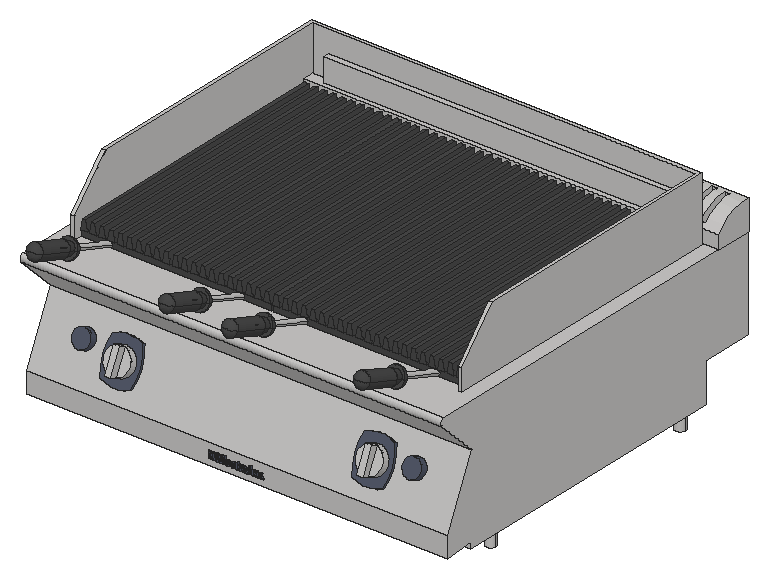
Revit family "QF_ELECTROLUXPROFESSIONAL_371045_E7GRGHLC00", category Specialty Equipment, Revit 2018
Family settings
  Round Connector Dimension = Use Diameter
  Part Type = Normal
  Work Plane-Based = No
  Always vertical = Yes
  Cut with Voids When Loaded = No
  Shared = No
  Room Calculation Point = No
Parameters
  Width = 800.1 mm  # constant formula
  Weight in Pounds = 141  # constant formula
  Watts = 0 W
  URL Cutsheet = "www.electrolux.com/foodservice"
  URL = "www.electrolux.com/foodservice"
  Type Mark [instance] = ""
  Status [instance] = ""
  Specification by User [instance] = ""
  Specification by Manufacturer = ""
  Show Logo [instance] = yes
  Show Clearance [instance] = yes
  Serial Number = ""
  Seismic Rating = ""
  SMACNA No = ""
  Revision Code [instance] = ""
  Omniclass Number and Title = ""
  NAFEM Spec ID Number = ""
  Model = "371045"
  Mechanical Remarks = ""
  Mechanical Connection Type = ""
  Masterspec = ""
  Manufacturer = "ELECTROLUX"
  Item Number [instance] = ""
  Installed By [instance] = ""
  Identify Quantity as Lot [instance] = yes
  Height = 396 mm  # constant formula
  HP = "0 HP"
  Gas Size = 12.7 mm  # 1/2"
  Gas RI Height [instance] = 0 mm
  Gas KW = 14  # constant formula
  Gas Input [instance] = 13987.1 VA  # 47726.0 Btu/h
  Gas Connection Height = 0 mm
  Furnished By [instance] = ""
  Foodservice Equipment Identifier [instance] = yes
  Direct Waste Size = 0"
  Description = "700XP Full Module Gas Lava Stone Grill Top"
  Depth = 730.25 mm  # constant formula
  CSI MasterFormat = ""
  CSI Master Format = ""
  Base Height [instance] = 23.813 mm  # constant formula
  Assembly Code = ""
Reference planes
  plane 1 "BACK": y = 0
  plane 2: z = 0
  plane 3 "LEFT": x = 0
  plane 4 "RIGHT": x = 800.1
  plane 5 "FRONT": y = -730.25
  plane 6 "TOP": z = 288.925
  plane 7 "Center Y": x = 400.05
  plane 8 "Center X": y = -365.125
  plane 9 "BASE": z = 23.813
  plane 10 "TOP A": z = 274.638
  plane 11: y = -597.884
  plane 12: y = -147.637
  plane 13: z = 396
Forms (mm)
  Extrusion 1, solid, material "QF_Finishes_Stainless Steel"
    sketch origin (0, 0, 0) x (0, 1, 0) y (0, 0, 1)
      loop
        line (0, 274.638) -> (-722.836, 274.638)
        arc (-722.836, 274.638) -> (-729.637, 270.094) -> (-728.041, 262.072) r 7.361
        line (-728.041, 262.072) -> (-657.416, 191.447) -> (-713.772, 69.003) -> (-713.772, 30.903) -> (-660.4, 36.513) -> (-660.4, 23.812) -> (-101.6, 23.812) -> (-101.6, 98.425) -> (0, 98.425) -> (0, 274.638)
    from 0 to 800.1
  Extrusion 2, solid, material "QF_Finishes_Stainless Steel"
    sketch origin (0, 0, 0) x (1, 0, 0) y (0, 1, 0)
      loop
        circle (11.112, -147.638) r 9.525
      loop
        circle (11.112, -597.884) r 9.525
      loop
        circle (788.987, -147.638) r 9.525
      loop
        circle (788.987, -597.884) r 9.525
    from 0 to 23.813
  Extrusion 3, solid, material "QF_Finishes_Stainless Steel"
    sketch origin (0, -101.6, 101.6) x (0, 0, -1) y (-1, 0, 0)
      loop
        circle (43.882, -747.712) r 6.35
    from 0 to 3.175
  Extrusion 4, solid, material "QF_Finishes_Clearance", visible <- "Show Clearance", detail levels coarse
    sketch origin (0, 0, 0) x (1, 0, 0) y (0, 1, 0)
      loop
        line (0, -730.25) -> (0, 0) -> (800.1, 0) -> (800.1, -730.25) -> (950.119, -730.25) -> (950.119, 150.019) -> (-150.019, 150.019) -> (-150.019, -730.25) -> (0, -730.25)
    from 0 to 396
  Sweep 5, solid, material "QF_Finishes_Stainless Steel"
    path origin (0, -2.381, 274.638) x (-1, 0, 0) y (0, -1, 0)
      loop
        line (-765.075, 642.504) -> (-765.075, 77.504) -> (-35.025, 77.504) -> (-35.025, 642.504)
    profile origin (35.025, -362.385, 274.638) x (1, 0, 0) y (0, 0, 1)
      loop
        line (-6.35, 0) -> (0, 0) -> (0, 121.362) -> (-6.35, 121.362) -> (-6.35, 0)
  Extrusion 6, void
    sketch origin (28.675, -73.535, 274.638) x (0, 1, 0) y (0, 0, 1)
      loop
        line (-571.35, 40.481) -> (-498.32, 121.363) -> (-571.35, 121.363) -> (-571.35, 40.481)
    from 0 to 6.35
  Extrusion 7, void
    sketch origin (771.425, -644.885, 274.638) x (0, -1, 0) y (0, 0, 1)
      loop
        line (0, 40.481) -> (0, 121.362) -> (-73.03, 121.362) -> (0, 40.481)
    from 0 to 6.35
  Extrusion 8, solid, material "QF_Finishes_Black"
    sketch origin (0, 0, 274.638) x (0, -1, 0) y (1, 0, 0)
      loop
        line (629.524, 35.025) -> (629.524, 398.386) -> (102.375, 398.386) -> (102.375, 35.025) -> (629.524, 35.025)
      loop
        line (130.285, 765.075) -> (130.285, 401.586) -> (629.524, 401.586) -> (629.524, 765.075) -> (130.285, 765.075)
    from 0 to 12.7
  Extrusion 9, solid, material "QF_Finishes_Stainless Steel"
    sketch origin (0, 0, 274.638) x (0, -1, 0) y (1, 0, 0)
      loop
        line (102.375, 36.446) -> (102.375, 763.521) -> (79.885, 763.521) -> (79.885, 36.446) -> (102.375, 36.446)
    from 0 to 37.056
  Extrusion 10, solid, material "QF_Finishes_Stainless Steel"
    sketch origin (27.525, -633.969, 275.303) x (1, 0, 0) y (0, 0.34202, 0.939693)
      loop
        circle (61.287, 5.861) r 5
    from -3.7 to 98.551
  Revolve 11, solid, material "QF_Finishes_Black"
    sketch origin (20, -80.514, 80.124) x (-1, 0, 0) y (0, -0.939693, 0.34202)
      loop
        line (-68.646, 685.384) -> (-50.452, 685.384) -> (-50.452, 689.246) -> (-56.809, 689.246) -> (-54.08, 704.719) -> (-54.08, 772.936)
        arc (-54.08, 772.936) -> (-59.651, 780.542) -> (-68.646, 783.364) r 15.108
        line (-68.646, 783.364) -> (-68.646, 685.384)
      axis (-68.875, 685.384) -> (-68.875, 783.364)
    angle from 0 to 360
  Extrusion 12, solid, material "QF_Finishes_Stainless Steel"
    sketch origin (0, 0, 311.693) x (0, -1, 0) y (1, 0, 0)
      loop
        line (79.885, 66.394) -> (92.813, 66.394) -> (92.813, 733.706) -> (79.885, 733.706) -> (79.885, 66.394)
    from 0 to 43.675
  Extrusion 13, solid, material "QF_Finishes_Stainless Steel"
    sketch origin (12.25, -633.969, 275.303) x (-1, 0, 0) y (0, -0.34202, -0.939693)
      loop
        circle (-327.663, -5.861) r 5
    from -3.7 to 98.551
  Extrusion 14, solid, material "QF_Finishes_Navy Blue"
    sketch origin (-379.27, -713.772, 69.003) x (0, 0.418102, 0.9084) y (-1, 0, 0)
      loop
        arc (102.623, -510.47) -> (67.041, -502.846) -> (31.333, -509.853) r 90.5
        arc (31.333, -509.853) -> (24.507, -539.04) -> (31.333, -568.228) r 65.817
        arc (31.333, -568.228) -> (67.04, -575.188) -> (102.623, -567.615) r 91.066
        arc (102.623, -567.615) -> (109.179, -539.043) -> (102.623, -510.47) r 65.546
    from 0 to 3.175
  Extrusion 15, solid, material "QF_Finishes_Stainless Steel"
    sketch origin (-0.52, -717.485, 68.529) x (0, 0.418102, 0.9084) y (-1, 0, 0)
      loop
        circle (68.826, -160.963) r 25.4
    from 0 to 12.7
  Extrusion 16, solid, material "QF_Finishes_Stainless Steel"
    sketch origin (-0.52, -729.022, 73.839) x (0, 0.418102, 0.9084) y (-1, 0, 0)
      loop
        arc (93.558, -166.749) -> (94.226, -160.963) -> (93.558, -155.177) r 25.4
        line (93.558, -155.177) -> (44.094, -155.177)
        arc (44.094, -155.177) -> (43.426, -160.963) -> (44.094, -166.749) r 25.4
        line (44.094, -166.749) -> (93.558, -166.749)
    from 0 to 12.7
  Extrusion 17, solid, material "QF_Finishes_Navy Blue"
    sketch origin (132.369, -722.248, 50.586) x (0, 0.418102, 0.9084) y (-1, 0, 0)
      loop
        circle (98.862, -582.001) r 17.8
    from 0 to 12.7
  Extrusion 18, solid, material "QF_Finishes_Navy Blue"
    sketch origin (77.744, -713.772, 69.003) x (0, 0.418102, 0.9084) y (-1, 0, 0)
      loop
        arc (102.623, -532.67) -> (67.041, -525.046) -> (31.333, -532.053) r 90.5
        arc (31.333, -532.053) -> (24.507, -561.24) -> (31.333, -590.428) r 65.817
        arc (31.333, -590.428) -> (67.04, -597.388) -> (102.623, -589.815) r 91.066
        arc (102.623, -589.815) -> (109.179, -561.243) -> (102.623, -532.67) r 65.546
    from 0 to 3.175
  Extrusion 19, solid, material "QF_Finishes_Stainless Steel"
    sketch origin (478.994, -717.485, 68.529) x (0, 0.418102, 0.9084) y (-1, 0, 0)
      loop
        circle (68.826, -160.963) r 25.4
    from 0 to 12.7
  Extrusion 20, solid, material "QF_Finishes_Stainless Steel"
    sketch origin (478.994, -729.022, 73.839) x (0, 0.418102, 0.9084) y (-1, 0, 0)
      loop
        arc (93.558, -166.749) -> (94.226, -160.963) -> (93.558, -155.177) r 25.4
        line (93.558, -155.177) -> (44.094, -155.177)
        arc (44.094, -155.177) -> (43.426, -160.963) -> (44.094, -166.749) r 25.4
        line (44.094, -166.749) -> (93.558, -166.749)
    from 0 to 12.7
  Extrusion 21, solid, material "QF_Finishes_Navy Blue"
    sketch origin (645.531, -722.248, 50.586) x (0, 0.418102, 0.9084) y (-1, 0, 0)
      loop
        circle (98.862, 559.801) r 17.8
    from 0 to 12.7
  Extrusion 22, solid, material "QF_Finishes_Stainless Steel"
    sketch origin (400.05, 175.397, 1219.2) x (0, 1, 0) y (0, 0, 1)
      loop
        line (-276.997, -1195.388) -> (-840.343, -1195.388) -> (-840.343, -1215.388) -> (-837.168, -1215.388) -> (-837.168, -1198.588) -> (-816.997, -1198.588) -> (-816.997, -1215.388) -> (-276.997, -1215.388) -> (-276.997, -1195.388)
    from -261.95 to 261.95
  Extrusion 23, solid, material "QF_Finishes_Drawer Clearance", visible <- "Show Clearance", detail levels coarse
    sketch origin (400.05, -664.946, 23.812) x (0, 0, -1) y (1, 0, 0)
      loop
        line (0, -261.95) -> (20, -261.95) -> (20, 261.95) -> (0, 261.95) -> (0, -261.95)
    from 0 to 536.054
  Revolve 24, solid, material "QF_Finishes_Black"
    sketch origin (260.002, -80.514, 80.124) x (-1, 0, 0) y (0, -0.939693, 0.34202)
      loop
        line (-79.746, 685.384) -> (-61.552, 685.384) -> (-61.552, 689.246) -> (-67.909, 689.246) -> (-65.18, 704.719) -> (-65.18, 772.936)
        arc (-65.18, 772.936) -> (-70.751, 780.542) -> (-79.746, 783.364) r 15.108
        line (-79.746, 783.364) -> (-79.746, 685.384)
      axis (-79.975, 685.384) -> (-79.975, 783.364)
    angle from 0 to 360
  Extrusion 25, solid, material "QF_Finishes_Stainless Steel"
    sketch origin (787.85, -633.969, 275.303) x (1, 0, 0) y (0, 0.34202, 0.939693)
      loop
        circle (-327.663, 5.861) r 5
    from -3.7 to 98.551
  Revolve 26, solid, material "QF_Finishes_Black"
    sketch origin (540.098, -80.514, 80.124) x (1, 0, 0) y (0, 0.939693, -0.34202)
      loop
        line (-79.746, -685.384) -> (-79.746, -783.364)
        arc (-79.746, -783.364) -> (-70.751, -780.542) -> (-65.18, -772.936) r 15.108
        line (-65.18, -772.936) -> (-65.18, -704.719) -> (-67.909, -689.246) -> (-61.552, -689.246) -> (-61.552, -685.384) -> (-79.746, -685.384)
      axis (-79.975, -685.384) -> (-79.975, -783.364)
    angle from 0 to 360
  Extrusion 27, solid, material "QF_Finishes_Stainless Steel"
    sketch origin (772.575, -633.969, 275.303) x (-1, 0, 0) y (0, -0.34202, -0.939693)
      loop
        circle (61.287, -5.861) r 5
    from -3.7 to 98.551
  Revolve 28, solid, material "QF_Finishes_Black"
    sketch origin (780.1, -80.514, 80.124) x (1, 0, 0) y (0, 0.939693, -0.34202)
      loop
        line (-68.646, -685.384) -> (-68.646, -783.364)
        arc (-68.646, -783.364) -> (-59.651, -780.542) -> (-54.08, -772.936) r 15.108
        line (-54.08, -772.936) -> (-54.08, -704.719) -> (-56.809, -689.246) -> (-50.452, -689.246) -> (-50.452, -685.384) -> (-68.646, -685.384)
      axis (-68.875, -685.384) -> (-68.875, -783.364)
    angle from 0 to 360
  Extrusion 29, solid, material "QF_Finishes_Stainless Steel"
    sketch origin (0, 0, 0) x (0, 1, 0) y (0, 0, 1)
      loop
        line (0, 274.638) -> (0, 331.738)
        arc (0, 331.738) -> (-38.857, 324.552) -> (-69.85, 300.038) r 82.056
        line (-69.85, 300.038) -> (-69.85, 274.638) -> (0, 274.638)
    from 0 to 400.05
  Extrusion 30, void
    sketch origin (0, 0, 274.638) x (0, -1, 0) y (1, 0, 0)
      loop
        line (6.761, 29.703) -> (63.911, 29.703) -> (63.911, 38.999) -> (6.761, 38.999) -> (6.761, 29.703)
      loop
        line (63.911, 64.487) -> (6.761, 64.487) -> (6.761, 55.191) -> (63.911, 55.191) -> (63.911, 64.487)
      loop
        line (63.911, 89.975) -> (6.761, 89.975) -> (6.761, 80.68) -> (63.911, 80.68) -> (63.911, 89.975)
      loop
        line (63.911, 115.464) -> (6.761, 115.464) -> (6.761, 106.168) -> (63.911, 106.168) -> (63.911, 115.464)
      loop
        line (63.911, 140.952) -> (6.761, 140.952) -> (6.761, 131.656) -> (63.911, 131.656) -> (63.911, 140.952)
      loop
        line (63.911, 166.44) -> (6.761, 166.44) -> (6.761, 157.145) -> (63.911, 157.145) -> (63.911, 166.44)
      loop
        line (63.911, 191.929) -> (6.761, 191.929) -> (6.761, 182.633) -> (63.911, 182.633) -> (63.911, 191.929)
      loop
        line (63.911, 217.417) -> (6.761, 217.417) -> (6.761, 208.121) -> (63.911, 208.121) -> (63.911, 217.417)
      loop
        line (63.911, 242.905) -> (6.761, 242.905) -> (6.761, 233.61) -> (63.911, 233.61) -> (63.911, 242.905)
      loop
        line (63.911, 268.394) -> (6.761, 268.394) -> (6.761, 259.098) -> (63.911, 259.098) -> (63.911, 268.394)
      loop
        line (63.911, 293.882) -> (6.761, 293.882) -> (6.761, 284.586) -> (63.911, 284.586) -> (63.911, 293.882)
      loop
        line (63.911, 319.37) -> (6.761, 319.37) -> (6.761, 310.075) -> (63.911, 310.075) -> (63.911, 319.37)
      loop
        line (63.911, 344.859) -> (6.761, 344.859) -> (6.761, 335.563) -> (63.911, 335.563) -> (63.911, 344.859)
      loop
        line (63.911, 370.347) -> (6.761, 370.347) -> (6.761, 361.051) -> (63.911, 361.051) -> (63.911, 370.347)
    from 25.4 to 63.5
  Extrusion 31, solid, material "QF_Finishes_Stainless Steel"
    sketch origin (400.05, 0, 0) x (0, 1, 0) y (0, 0, 1)
      loop
        line (0, 274.638) -> (0, 331.738)
        arc (0, 331.738) -> (-38.857, 324.552) -> (-69.85, 300.038) r 82.056
        line (-69.85, 300.038) -> (-69.85, 274.638) -> (0, 274.638)
    from 0 to 400.05
  Extrusion 32, void
    sketch origin (400.05, 0, 274.638) x (0, -1, 0) y (1, 0, 0)
      loop
        line (6.761, 29.703) -> (63.911, 29.703) -> (63.911, 38.999) -> (6.761, 38.999) -> (6.761, 29.703)
      loop
        line (63.911, 64.487) -> (6.761, 64.487) -> (6.761, 55.191) -> (63.911, 55.191) -> (63.911, 64.487)
      loop
        line (63.911, 89.975) -> (6.761, 89.975) -> (6.761, 80.68) -> (63.911, 80.68) -> (63.911, 89.975)
      loop
        line (63.911, 115.464) -> (6.761, 115.464) -> (6.761, 106.168) -> (63.911, 106.168) -> (63.911, 115.464)
      loop
        line (63.911, 140.952) -> (6.761, 140.952) -> (6.761, 131.656) -> (63.911, 131.656) -> (63.911, 140.952)
      loop
        line (63.911, 166.44) -> (6.761, 166.44) -> (6.761, 157.145) -> (63.911, 157.145) -> (63.911, 166.44)
      loop
        line (63.911, 191.929) -> (6.761, 191.929) -> (6.761, 182.633) -> (63.911, 182.633) -> (63.911, 191.929)
      loop
        line (63.911, 217.417) -> (6.761, 217.417) -> (6.761, 208.121) -> (63.911, 208.121) -> (63.911, 217.417)
      loop
        line (63.911, 242.905) -> (6.761, 242.905) -> (6.761, 233.61) -> (63.911, 233.61) -> (63.911, 242.905)
      loop
        line (63.911, 268.394) -> (6.761, 268.394) -> (6.761, 259.098) -> (63.911, 259.098) -> (63.911, 268.394)
      loop
        line (63.911, 293.882) -> (6.761, 293.882) -> (6.761, 284.586) -> (63.911, 284.586) -> (63.911, 293.882)
      loop
        line (63.911, 319.37) -> (6.761, 319.37) -> (6.761, 310.075) -> (63.911, 310.075) -> (63.911, 319.37)
      loop
        line (63.911, 344.859) -> (6.761, 344.859) -> (6.761, 335.563) -> (63.911, 335.563) -> (63.911, 344.859)
      loop
        line (63.911, 370.347) -> (6.761, 370.347) -> (6.761, 361.051) -> (63.911, 361.051) -> (63.911, 370.347)
    from 25.4 to 63.5
  Extrusion 33, solid, material "QF_Finishes_Navy Blue", visible <- "Show Logo"
    sketch origin (57.669, -713.772, 35.665) x (0, 0, 1) y (-1, 0, 0)
      loop
        line (20.674, -296.698) -> (8.307, -296.698)
        arc (8.307, -296.698) -> (14.491, -301.27) -> (20.674, -296.698) r 6.467
      loop
        arc (20.674, -296.069) -> (19.505, -290.926) -> (14.849, -288.448) r 6.338
        line (14.849, -288.448) -> (14.849, -290.494)
        arc (14.849, -290.494) -> (16.333, -294.149) -> (19.778, -296.069) r 5.941
        line (19.778, -296.069) -> (20.674, -296.069)
      loop
        arc (9.203, -296.069) -> (12.648, -294.149) -> (14.132, -290.494) r 5.941
        line (14.132, -290.494) -> (14.132, -288.448)
        arc (14.132, -288.448) -> (9.438, -290.922) -> (8.148, -296.069) r 6.504
        line (8.148, -296.069) -> (9.203, -296.069)
      loop
        line (21.349, -287.979) -> (7.604, -287.979) -> (7.604, -301.742) -> (21.349, -301.742) -> (21.349, -287.979)
      loop
        arc (21.432, -304.71) -> (21.085, -304.352) -> (20.718, -304.69) r 0.358
        arc (20.718, -304.69) -> (20.404, -305.44) -> (19.687, -305.825) r 1.216
        line (19.687, -305.825) -> (9.274, -305.825)
        arc (9.274, -305.825) -> (8.614, -305.548) -> (8.218, -304.951) r 1.238
        arc (8.218, -304.951) -> (7.823, -304.7) -> (7.518, -305.054) r 0.358
        line (7.518, -305.054) -> (7.518, -314.933) -> (10.269, -314.933) -> (10.269, -314.036)
        arc (10.269, -314.036) -> (9.36, -313.456) -> (8.904, -312.479) r 1.928
        line (8.904, -312.479) -> (8.904, -309.98)
        arc (8.904, -309.98) -> (9.18, -309.251) -> (9.868, -308.887) r 1.101
        line (9.868, -308.887) -> (13.955, -308.887) -> (13.955, -312.561)
        arc (13.955, -312.561) -> (13.602, -313.058) -> (13.037, -313.286) r 1.083
        arc (13.037, -313.286) -> (12.773, -313.591) -> (13.065, -313.869) r 0.292
        line (13.065, -313.869) -> (16.028, -313.869)
        arc (16.028, -313.869) -> (16.33, -313.596) -> (16.092, -313.266) r 0.305
        arc (16.092, -313.266) -> (15.601, -313.018) -> (15.296, -312.561) r 1.083
        line (15.296, -312.561) -> (15.296, -308.887) -> (19.973, -308.887) -> (19.973, -312.635)
        arc (19.973, -312.635) -> (19.759, -313.39) -> (19.153, -313.888) r 1.314
        arc (19.153, -313.888) -> (18.934, -314.292) -> (19.288, -314.585) r 0.361
        line (19.288, -314.585) -> (21.432, -314.585) -> (21.432, -304.71)
      loop
        arc (20.715, -315.365) -> (20.335, -316.284) -> (19.416, -316.664) r 1.299
        line (19.416, -316.664) -> (9.837, -316.664)
        arc (9.837, -316.664) -> (8.999, -316.286) -> (8.728, -315.408) r 1.118
        line (8.728, -315.408) -> (7.518, -315.408) -> (7.518, -320.758) -> (8.706, -320.758)
        arc (8.706, -320.758) -> (8.978, -319.841) -> (9.848, -319.445) r 1.153
        line (9.848, -319.445) -> (21.92, -319.445) -> (20.715, -315.365)
      loop
        line (12.483, -323.394) -> (12.483, -329.842) -> (13.282, -329.842)
        arc (13.282, -329.842) -> (15.862, -328.857) -> (17.131, -326.404) r 3.874
        line (17.131, -326.404) -> (17.131, -324.643)
        arc (17.131, -324.643) -> (15.944, -321.778) -> (13.08, -320.592) r 4.051
        line (13.08, -320.592) -> (11.072, -320.592)
        arc (11.072, -320.592) -> (8.253, -322.077) -> (7.202, -325.084) r 4.352
        arc (7.202, -325.084) -> (7.566, -327.547) -> (8.943, -329.621) r 5.713
        line (8.943, -329.621) -> (9.892, -329.621)
        arc (9.892, -329.621) -> (9.16, -328.052) -> (8.943, -326.334) r 5.579
        arc (8.943, -326.334) -> (9.737, -324.371) -> (11.616, -323.394) r 3.057
        line (11.616, -323.394) -> (12.483, -323.394)
      loop
        line (13.742, -323.394) -> (13.742, -326.977)
        arc (13.742, -326.977) -> (15.199, -327.024) -> (16.082, -325.864) r 1.59
        line (16.082, -325.864) -> (16.082, -325.034)
        arc (16.082, -325.034) -> (15.217, -323.779) -> (13.742, -323.394) r 2.184
      loop
        arc (16.533, -339.259) -> (17.022, -337.585) -> (17.179, -335.848) r 9.023
        line (17.179, -335.848) -> (17.179, -334.486)
        arc (17.179, -334.486) -> (16.02, -331.686) -> (13.22, -330.527) r 3.959
        line (13.22, -330.527) -> (10.62, -330.527)
        arc (10.62, -330.527) -> (8.338, -331.819) -> (7.221, -334.192) r 4.331
        line (7.221, -334.192) -> (7.221, -336.327)
        arc (7.221, -336.327) -> (7.729, -337.877) -> (8.651, -339.223) r 5.772
        arc (8.651, -339.223) -> (9.412, -339.274) -> (9.499, -338.515) r 0.553
        arc (9.499, -338.515) -> (9.111, -337.781) -> (8.977, -336.962) r 2.573
        line (8.977, -336.962) -> (8.977, -335.447)
        arc (8.977, -335.447) -> (9.983, -333.806) -> (11.798, -333.163) r 2.884
        line (11.798, -333.163) -> (13.077, -333.163)
        arc (13.077, -333.163) -> (14.898, -333.723) -> (15.824, -335.388) r 2.554
        line (15.824, -335.388) -> (15.824, -336.441)
        arc (15.824, -336.441) -> (15.493, -337.369) -> (14.836, -338.104) r 2.564
        arc (14.836, -338.104) -> (14.614, -338.821) -> (15.223, -339.259) r 0.643
        line (15.223, -339.259) -> (16.533, -339.259)
      loop
        line (15.515, -339.53) -> (15.515, -341.031) -> (9.467, -341.031)
        arc (9.467, -341.031) -> (7.879, -341.688) -> (7.221, -343.276) r 2.246
        line (7.221, -343.276) -> (7.221, -344.86)
        arc (7.221, -344.86) -> (7.535, -345.725) -> (8.035, -346.496) r 4.06
        arc (8.035, -346.496) -> (8.768, -346.629) -> (9.019, -345.928) r 0.576
        arc (9.019, -345.928) -> (8.913, -345.403) -> (8.977, -344.87) r 1.69
        arc (8.977, -344.87) -> (9.519, -344.082) -> (10.425, -343.779) r 1.506
        line (10.425, -343.779) -> (15.563, -343.779) -> (15.563, -346.176) -> (16.119, -346.733) -> (16.941, -346.733) -> (16.941, -343.873) -> (20.172, -343.873) -> (15.515, -339.53)
      loop
        line (7.438, -347.63) -> (7.438, -353.017) -> (8.548, -353.017)
        arc (8.548, -353.017) -> (8.942, -352.066) -> (9.893, -351.672) r 1.345
        line (9.893, -351.672) -> (13.509, -351.672)
        arc (13.509, -351.672) -> (14.274, -352.264) -> (14.564, -353.186) r 1.615
        line (14.564, -353.186) -> (14.564, -354.742) -> (17.119, -355.427) -> (17.119, -354.044) -> (15.177, -351.485) -> (17.057, -351.485) -> (16.773, -348.779)
        arc (16.773, -348.779) -> (16.333, -348.249) -> (15.674, -348.45) r 0.621
        arc (15.674, -348.45) -> (15.274, -348.792) -> (14.78, -348.975) r 1.501
        line (14.78, -348.975) -> (9.893, -348.975)
        arc (9.893, -348.975) -> (8.942, -348.581) -> (8.548, -347.63) r 1.345
        line (8.548, -347.63) -> (7.438, -347.63)
      loop
        line (13.54, -354.964) -> (10.848, -354.964)
        arc (10.848, -354.964) -> (8.403, -356.272) -> (7.269, -358.803) r 4.288
        arc (7.269, -358.803) -> (7.205, -360.183) -> (7.269, -361.563) r 15.022
        arc (7.269, -361.563) -> (8.403, -364.094) -> (10.848, -365.401) r 4.288
        line (10.848, -365.401) -> (13.54, -365.401)
        arc (13.54, -365.401) -> (15.986, -364.094) -> (17.119, -361.563) r 4.288
        arc (17.119, -361.563) -> (17.183, -360.183) -> (17.119, -358.803) r 15.022
        arc (17.119, -358.803) -> (15.986, -356.272) -> (13.54, -354.964) r 4.288
      loop
        line (13.745, -358.078) -> (10.643, -358.078)
        arc (10.643, -358.078) -> (8.486, -360.235) -> (10.643, -362.392) r 2.157
        line (10.643, -362.392) -> (13.745, -362.392)
        arc (13.745, -362.392) -> (15.902, -360.235) -> (13.745, -358.078) r 2.157
      loop
        arc (20.726, -365.26) -> (20.355, -366.154) -> (19.461, -366.524) r 1.264
        line (19.461, -366.524) -> (9.597, -366.524)
        arc (9.597, -366.524) -> (8.727, -366.127) -> (8.455, -365.211) r 1.153
        line (8.455, -365.211) -> (7.518, -365.211) -> (7.518, -370.319) -> (8.446, -370.319)
        arc (8.446, -370.319) -> (8.805, -369.547) -> (9.597, -369.232) r 1.153
        line (9.597, -369.232) -> (21.92, -369.232) -> (20.726, -365.26)
      loop
        arc (15.846, -369.857) -> (15.647, -370.921) -> (14.678, -371.403) r 1.215
        line (14.678, -371.403) -> (9.658, -371.403)
        arc (9.658, -371.403) -> (8.043, -372.051) -> (7.322, -373.634) r 2.338
        line (7.322, -373.634) -> (7.322, -375.148)
        arc (7.322, -375.148) -> (7.497, -376.152) -> (7.999, -377.038) r 2.979
        line (7.999, -377.038) -> (7.518, -378.835) -> (7.518, -380.524) -> (16.943, -380.524) -> (16.649, -376.32) -> (15.863, -376.32)
        arc (15.863, -376.32) -> (15.507, -377.156) -> (14.755, -377.665) r 1.605
        line (14.755, -377.665) -> (9.652, -377.665)
        arc (9.652, -377.665) -> (9.232, -376.728) -> (9.159, -375.704) r 2.94
        arc (9.159, -375.704) -> (9.72, -374.603) -> (10.873, -374.16) r 1.724
        line (10.873, -374.16) -> (17.07, -374.16) -> (15.846, -369.857)
      loop
        line (16.874, -381.377) -> (15.202, -383.423) -> (12.028, -385.729) -> (8.572, -382.617)
        arc (8.572, -382.617) -> (8.335, -382.223) -> (8.357, -381.764) r 0.789
        line (8.357, -381.764) -> (7.518, -381.764) -> (7.518, -385.309) -> (8.344, -385.309)
        arc (8.344, -385.309) -> (8.686, -384.947) -> (9.176, -385.039) r 0.52
        line (9.176, -385.039) -> (10.976, -386.51) -> (8.858, -387.886)
        arc (8.858, -387.886) -> (8.457, -387.576) -> (8.37, -387.076) r 0.7
        line (8.37, -387.076) -> (7.518, -387.076) -> (7.518, -393.003) -> (8.405, -393.003)
        arc (8.405, -393.003) -> (8.472, -392.344) -> (8.866, -391.813) r 1.247
        line (8.866, -391.813) -> (13.066, -388.532) -> (15.513, -390.585) -> (16.874, -392.327) -> (16.874, -388.604) -> (15.389, -389.026) -> (13.868, -387.749) -> (15.568, -386.559) -> (16.874, -387.336) -> (16.874, -381.377)
    from 0 to 1.644
Cuts and joins
  Extrusion 6, Extrusion 7 cuts Sweep 5
  Extrusion 32 cuts Extrusion 31
  Extrusion 30 cuts Extrusion 29
Lines and regions (mm)
  symbolic lines, style "QF-Clearances", visible <- "Show Clearance", detail levels coarse
    curve 1: line (950.119, 150.019, 274.638) -> (-150.019, 150.019, 274.638)
    curve 2: line (950.119, -730.25, 274.638) -> (950.119, 150.019, 274.638)
    curve 3: line (-150.019, 150.019, 274.638) -> (-150.019, -730.25, 274.638)
    curve 4: line (692.244, 150.019, 274.638) -> (-150.019, 150.019, 274.638)
  symbolic lines
    curve 5: line (0, -730.25, 274.638) -> (0, 0, 274.638)
    curve 6: line (800.1, 0, 274.638) -> (800.1, -730.246, 274.638)
    curve 7: line (35.025, -79.885, 274.638) -> (35.025, -644.885, 274.638)
    curve 8: line (28.675, -644.885, 274.638) -> (35.025, -644.885, 274.638)
    curve 9: line (765.075, -644.885, 274.638) -> (765.075, -79.885, 274.638)
    curve 10: line (765.075, -79.885, 274.638) -> (35.025, -79.885, 274.638)
    curve 11: line (800.1, -730.246, 274.638) -> (730.644, -730.246, 274.638)
    curve 12: line (28.675, -73.535, 274.638) -> (28.675, -644.885, 274.638)
    curve 13: line (28.675, -73.535, 274.638) -> (771.425, -73.535, 274.638)
    curve 14: line (771.425, -73.535, 274.638) -> (771.425, -644.885, 274.638)
    curve 15: line (765.075, -644.885, 274.638) -> (771.425, -644.885, 274.638)
    curve 16: line (83.594, -631.964, 274.638) -> (83.594, -718.727, 274.638)
    curve 17: line (76.419, -728.239, 274.638) -> (73.666, -742.908, 274.638)
    curve 18: line (73.666, -742.908, 274.638) -> (73.666, -807.592, 274.638)
    curve 19: spline (101.968, -734.072, 274.638) -> (106.912, -731.23, 274.638) -> (108.913, -727.764, 274.638) -> (107.647, -724.231, 274.638) -> (103.319, -721.202, 274.638) -> (96.625, -719.164, 274.638) -> (88.646, -718.447, 274.638) -> (80.666, -719.164, 274.638) -> (73.973, -721.202, 274.638) -> (69.645, -724.231, 274.638) -> (68.379, -727.764, 274.638) -> (70.379, -731.23, 274.638) -> (75.324, -734.072, 274.638)
    curve 20: line (100.873, -728.239, 274.638) -> (103.626, -742.908, 274.638)
    curve 21: line (103.626, -742.908, 274.638) -> (103.626, -807.592, 274.638)
    curve 22: arc (73.666, -807.592, 274.638) -> (88.646, -817.479, 274.638) -> (103.626, -807.592, 274.638) r 16.291
    curve 23: arc (73.666, -742.908, 274.638) -> (88.646, -738.398, 274.638) -> (103.626, -742.908, 274.638) r 27.132
    curve 24: arc (73.666, -807.592, 274.638) -> (88.646, -801.979, 274.638) -> (103.626, -807.592, 274.638) r 22.796
    curve 25: arc (108.859, -728.122, 274.638) -> (88.467, -721.358, 274.638) -> (68.113, -728.239, 274.638) r 33.831
    curve 26: line (93.698, -631.964, 274.638) -> (93.698, -718.727, 274.638)
    curve 27: arc (76.419, -728.239, 274.638) -> (88.646, -724.288, 274.638) -> (100.873, -728.239, 274.638) r 20.899
    curve 28: line (69.46, -730.25, 274.638) -> (0, -730.25, 274.638)
    curve 29: line (36.446, -102.375, 274.638) -> (36.446, -79.885, 274.638)
    curve 30: line (763.521, -102.375, 274.638) -> (36.446, -102.375, 274.638)
    curve 31: line (763.521, -79.464, 274.638) -> (763.521, -102.375, 274.638)
    curve 32: line (66.394, -92.813, 274.638) -> (66.394, -79.885, 274.638)
    curve 33: line (66.394, -92.813, 274.638) -> (733.706, -92.813, 274.638)
    curve 34: line (733.706, -92.813, 274.638) -> (733.706, -79.885, 274.638)
    curve 35: line (334.793, -631.964, 274.638) -> (334.793, -718.727, 274.638)
    curve 36: line (344.897, -631.964, 274.638) -> (344.897, -718.727, 274.638)
    curve 37: line (320.659, -730.25, 274.638) -> (107.832, -730.25, 274.638)
    curve 38: line (441.069, -730.25, 274.638) -> (359.031, -730.25, 274.638)
    curve 39: line (692.271, -730.253, 274.638) -> (479.438, -730.253, 274.638)
    curve 40: line (327.618, -728.239, 274.638) -> (324.865, -742.908, 274.638)
    curve 41: line (324.865, -742.908, 274.638) -> (324.865, -807.592, 274.638)
    curve 42: spline (353.167, -734.072, 274.638) -> (358.112, -731.23, 274.638) -> (360.113, -727.764, 274.638) -> (358.847, -724.231, 274.638) -> (354.518, -721.202, 274.638) -> (347.825, -719.164, 274.638) -> (339.845, -718.447, 274.638) -> (331.866, -719.164, 274.638) -> (325.172, -721.202, 274.638) -> (320.844, -724.231, 274.638) -> (319.578, -727.764, 274.638) -> (321.579, -731.23, 274.638) -> (326.523, -734.072, 274.638)
    curve 43: line (352.072, -728.239, 274.638) -> (354.825, -742.908, 274.638)
    curve 44: line (354.825, -742.908, 274.638) -> (354.825, -807.592, 274.638)
    curve 45: arc (324.865, -807.592, 274.638) -> (339.845, -817.479, 274.638) -> (354.825, -807.592, 274.638) r 16.291
    curve 46: arc (324.865, -742.908, 274.638) -> (339.845, -738.398, 274.638) -> (354.825, -742.908, 274.638) r 27.132
    curve 47: arc (324.865, -807.592, 274.638) -> (339.845, -801.979, 274.638) -> (354.825, -807.592, 274.638) r 22.796
    curve 48: arc (360.058, -728.122, 274.638) -> (339.666, -721.358, 274.638) -> (319.313, -728.239, 274.638) r 33.831
    curve 49: arc (327.618, -728.239, 274.638) -> (339.845, -724.288, 274.638) -> (352.072, -728.239, 274.638) r 20.899
    curve 53: line (465.307, -631.964, 274.638) -> (465.307, -718.727, 274.638)
    curve 54: line (455.203, -631.964, 274.638) -> (455.203, -718.727, 274.638)
    curve 55: line (472.482, -728.239, 274.638) -> (475.235, -742.908, 274.638)
    curve 56: line (475.235, -742.908, 274.638) -> (475.235, -807.592, 274.638)
    curve 57: spline (446.933, -734.072, 274.638) -> (441.988, -731.23, 274.638) -> (439.987, -727.764, 274.638) -> (441.253, -724.231, 274.638) -> (445.582, -721.202, 274.638) -> (452.275, -719.164, 274.638) -> (460.255, -718.447, 274.638) -> (468.234, -719.164, 274.638) -> (474.928, -721.202, 274.638) -> (479.256, -724.231, 274.638) -> (480.522, -727.764, 274.638) -> (478.521, -731.23, 274.638) -> (473.577, -734.072, 274.638)
    curve 58: line (448.028, -728.239, 274.638) -> (445.275, -742.908, 274.638)
    curve 59: line (445.275, -742.908, 274.638) -> (445.275, -807.592, 274.638)
    curve 60: arc (475.235, -807.592, 274.638) -> (460.255, -817.479, 274.638) -> (445.275, -807.592, 274.638) r 16.291
    curve 61: arc (475.235, -742.908, 274.638) -> (460.255, -738.398, 274.638) -> (445.275, -742.908, 274.638) r 27.132
    curve 62: arc (475.235, -807.592, 274.638) -> (460.255, -801.979, 274.638) -> (445.275, -807.592, 274.638) r 22.796
    curve 63: arc (440.042, -728.122, 274.638) -> (460.434, -721.358, 274.638) -> (480.787, -728.239, 274.638) r 33.831
    curve 64: arc (472.482, -728.239, 274.638) -> (460.255, -724.288, 274.638) -> (448.028, -728.239, 274.638) r 20.899
    curve 65: line (716.506, -631.964, 274.638) -> (716.506, -718.727, 274.638)
    curve 66: line (723.681, -728.239, 274.638) -> (726.434, -742.908, 274.638)
    curve 67: line (726.434, -742.908, 274.638) -> (726.434, -807.592, 274.638)
    curve 68: spline (698.132, -734.072, 274.638) -> (693.188, -731.23, 274.638) -> (691.187, -727.764, 274.638) -> (692.453, -724.231, 274.638) -> (696.781, -721.202, 274.638) -> (703.475, -719.164, 274.638) -> (711.454, -718.447, 274.638) -> (719.434, -719.164, 274.638) -> (726.127, -721.202, 274.638) -> (730.455, -724.231, 274.638) -> (731.721, -727.764, 274.638) -> (729.721, -731.23, 274.638) -> (724.776, -734.072, 274.638)
    curve 69: line (699.227, -728.239, 274.638) -> (696.474, -742.908, 274.638)
    curve 70: line (696.474, -742.908, 274.638) -> (696.474, -807.592, 274.638)
    curve 71: arc (726.434, -807.592, 274.638) -> (711.454, -817.479, 274.638) -> (696.474, -807.592, 274.638) r 16.291
    curve 72: arc (726.434, -742.908, 274.638) -> (711.454, -738.398, 274.638) -> (696.474, -742.908, 274.638) r 27.132
    curve 73: arc (726.434, -807.592, 274.638) -> (711.454, -801.979, 274.638) -> (696.474, -807.592, 274.638) r 22.796
    curve 74: arc (691.241, -728.122, 274.638) -> (711.633, -721.358, 274.638) -> (731.987, -728.239, 274.638) r 33.831
    curve 75: line (706.402, -631.964, 274.638) -> (706.402, -718.727, 274.638)
    curve 76: arc (723.681, -728.239, 274.638) -> (711.454, -724.288, 274.638) -> (699.227, -728.239, 274.638) r 20.899
    curve 77: line (35.025, -631.964, 274.638) -> (765.075, -631.964, 274.638)
    curve 78: line (0, 0, 274.638) -> (800.1, 0, 274.638)
    curve 79: line (0, -69.85, 274.638) -> (800.1, -69.85, 274.638)
    curve 80: line (0, 0, 274.638) -> (800.1, 0, 274.638)
    curve 81: line (0, -69.85, 274.638) -> (800.1, -69.85, 274.638)
    curve 82: line (29.703, -6.761, 0) -> (38.999, -6.761, 0)
    curve 83: line (29.703, -63.911, 0) -> (29.703, -6.761, 0)
    curve 84: line (38.999, -63.911, 0) -> (29.703, -63.911, 0)
    curve 85: line (38.999, -6.761, 0) -> (38.999, -63.911, 0)
    curve 86: line (55.191, -6.761, 0) -> (64.487, -6.761, 0)
    curve 87: line (55.191, -63.911, 0) -> (55.191, -6.761, 0)
    curve 88: line (64.487, -63.911, 0) -> (55.191, -63.911, 0)
    curve 89: line (64.487, -6.761, 0) -> (64.487, -63.911, 0)
    curve 90: line (80.68, -6.761, 0) -> (89.975, -6.761, 0)
    curve 91: line (80.68, -63.911, 0) -> (80.68, -6.761, 0)
    curve 92: line (89.975, -63.911, 0) -> (80.68, -63.911, 0)
    curve 93: line (89.975, -6.761, 0) -> (89.975, -63.911, 0)
    curve 94: line (106.168, -6.761, 0) -> (115.464, -6.761, 0)
    curve 95: line (106.168, -63.911, 0) -> (106.168, -6.761, 0)
    curve 96: line (115.464, -63.911, 0) -> (106.168, -63.911, 0)
    curve 97: line (115.464, -6.761, 0) -> (115.464, -63.911, 0)
    curve 98: line (131.656, -6.761, 0) -> (140.952, -6.761, 0)
    curve 99: line (131.656, -63.911, 0) -> (131.656, -6.761, 0)
    curve 100: line (140.952, -63.911, 0) -> (131.656, -63.911, 0)
    curve 101: line (140.952, -6.761, 0) -> (140.952, -63.911, 0)
    curve 102: line (157.145, -6.761, 0) -> (166.44, -6.761, 0)
    curve 103: line (157.145, -63.911, 0) -> (157.145, -6.761, 0)
    curve 104: line (166.44, -63.911, 0) -> (157.145, -63.911, 0)
    curve 105: line (166.44, -6.761, 0) -> (166.44, -63.911, 0)
    curve 106: line (182.633, -6.761, 0) -> (191.929, -6.761, 0)
    curve 107: line (182.633, -63.911, 0) -> (182.633, -6.761, 0)
    curve 108: line (191.929, -63.911, 0) -> (182.633, -63.911, 0)
    curve 109: line (191.929, -6.761, 0) -> (191.929, -63.911, 0)
    curve 110: line (208.121, -6.761, 0) -> (217.417, -6.761, 0)
    curve 111: line (208.121, -63.911, 0) -> (208.121, -6.761, 0)
    curve 112: line (217.417, -63.911, 0) -> (208.121, -63.911, 0)
    curve 113: line (217.417, -6.761, 0) -> (217.417, -63.911, 0)
    curve 114: line (233.61, -6.761, 0) -> (242.905, -6.761, 0)
    curve 115: line (233.61, -63.911, 0) -> (233.61, -6.761, 0)
    curve 116: line (242.905, -63.911, 0) -> (233.61, -63.911, 0)
    curve 117: line (242.905, -6.761, 0) -> (242.905, -63.911, 0)
    curve 118: line (259.098, -6.761, 0) -> (268.394, -6.761, 0)
    curve 119: line (259.098, -63.911, 0) -> (259.098, -6.761, 0)
    curve 120: line (268.394, -63.911, 0) -> (259.098, -63.911, 0)
    curve 121: line (268.394, -6.761, 0) -> (268.394, -63.911, 0)
    curve 122: line (284.586, -6.761, 0) -> (293.882, -6.761, 0)
    curve 123: line (284.586, -63.911, 0) -> (284.586, -6.761, 0)
    curve 124: line (293.882, -63.911, 0) -> (284.586, -63.911, 0)
    curve 125: line (293.882, -6.761, 0) -> (293.882, -63.911, 0)
    curve 126: line (310.075, -6.761, 0) -> (319.37, -6.761, 0)
    curve 127: line (310.075, -63.911, 0) -> (310.075, -6.761, 0)
    curve 128: line (319.37, -63.911, 0) -> (310.075, -63.911, 0)
    curve 129: line (319.37, -6.761, 0) -> (319.37, -63.911, 0)
    curve 130: line (335.563, -6.761, 0) -> (344.859, -6.761, 0)
    curve 131: line (335.563, -63.911, 0) -> (335.563, -6.761, 0)
    curve 132: line (344.859, -63.911, 0) -> (335.563, -63.911, 0)
    curve 133: line (344.859, -6.761, 0) -> (344.859, -63.911, 0)
    curve 134: line (361.051, -6.761, 0) -> (370.347, -6.761, 0)
    curve 135: line (361.051, -63.911, 0) -> (361.051, -6.761, 0)
    curve 136: line (370.347, -63.911, 0) -> (361.051, -63.911, 0)
    curve 137: line (370.347, -6.761, 0) -> (370.347, -63.911, 0)
    curve 138: line (400.05, 0, 0) -> (400.05, -69.85, 0)
    curve 139: line (770.397, -6.761, 0) -> (761.101, -6.761, 0)
    curve 140: line (770.397, -63.911, 0) -> (770.397, -6.761, 0)
    curve 141: line (761.101, -63.911, 0) -> (770.397, -63.911, 0)
    curve 142: line (761.101, -6.761, 0) -> (761.101, -63.911, 0)
    curve 143: line (744.909, -6.761, 0) -> (735.613, -6.761, 0)
    curve 144: line (744.909, -63.911, 0) -> (744.909, -6.761, 0)
    curve 145: line (735.613, -63.911, 0) -> (744.909, -63.911, 0)
    curve 146: line (735.613, -6.761, 0) -> (735.613, -63.911, 0)
    curve 147: line (719.42, -6.761, 0) -> (710.125, -6.761, 0)
    curve 148: line (719.42, -63.911, 0) -> (719.42, -6.761, 0)
    curve 149: line (710.125, -63.911, 0) -> (719.42, -63.911, 0)
    curve 150: line (710.125, -6.761, 0) -> (710.125, -63.911, 0)
    curve 151: line (693.932, -6.761, 0) -> (684.636, -6.761, 0)
    curve 152: line (693.932, -63.911, 0) -> (693.932, -6.761, 0)
    curve 153: line (684.636, -63.911, 0) -> (693.932, -63.911, 0)
    curve 154: line (684.636, -6.761, 0) -> (684.636, -63.911, 0)
    curve 155: line (668.444, -6.761, 0) -> (659.148, -6.761, 0)
    curve 156: line (668.444, -63.911, 0) -> (668.444, -6.761, 0)
    curve 157: line (659.148, -63.911, 0) -> (668.444, -63.911, 0)
    curve 158: line (659.148, -6.761, 0) -> (659.148, -63.911, 0)
    curve 159: line (642.955, -6.761, 0) -> (633.66, -6.761, 0)
    curve 160: line (642.955, -63.911, 0) -> (642.955, -6.761, 0)
    curve 161: line (633.66, -63.911, 0) -> (642.955, -63.911, 0)
    curve 162: line (633.66, -6.761, 0) -> (633.66, -63.911, 0)
    curve 163: line (617.467, -6.761, 0) -> (608.171, -6.761, 0)
    curve 164: line (617.467, -63.911, 0) -> (617.467, -6.761, 0)
    curve 165: line (608.171, -63.911, 0) -> (617.467, -63.911, 0)
    curve 166: line (608.171, -6.761, 0) -> (608.171, -63.911, 0)
    curve 167: line (591.979, -6.761, 0) -> (582.683, -6.761, 0)
    curve 168: line (591.979, -63.911, 0) -> (591.979, -6.761, 0)
    curve 169: line (582.683, -63.911, 0) -> (591.979, -63.911, 0)
    curve 170: line (582.683, -6.761, 0) -> (582.683, -63.911, 0)
    curve 171: line (566.49, -6.761, 0) -> (557.195, -6.761, 0)
    curve 172: line (566.49, -63.911, 0) -> (566.49, -6.761, 0)
    curve 173: line (557.195, -63.911, 0) -> (566.49, -63.911, 0)
    curve 174: line (557.195, -6.761, 0) -> (557.195, -63.911, 0)
    curve 175: line (541.002, -6.761, 0) -> (531.706, -6.761, 0)
    curve 176: line (541.002, -63.911, 0) -> (541.002, -6.761, 0)
    curve 177: line (531.706, -63.911, 0) -> (541.002, -63.911, 0)
    curve 178: line (531.706, -6.761, 0) -> (531.706, -63.911, 0)
    curve 179: line (515.514, -6.761, 0) -> (506.218, -6.761, 0)
    curve 180: line (515.514, -63.911, 0) -> (515.514, -6.761, 0)
    curve 181: line (506.218, -63.911, 0) -> (515.514, -63.911, 0)
    curve 182: line (506.218, -6.761, 0) -> (506.218, -63.911, 0)
    curve 183: line (490.025, -6.761, 0) -> (480.73, -6.761, 0)
    curve 184: line (490.025, -63.911, 0) -> (490.025, -6.761, 0)
    curve 185: line (480.73, -63.911, 0) -> (490.025, -63.911, 0)
    curve 186: line (480.73, -6.761, 0) -> (480.73, -63.911, 0)
    curve 187: line (464.537, -6.761, 0) -> (455.241, -6.761, 0)
    curve 188: line (464.537, -63.911, 0) -> (464.537, -6.761, 0)
    curve 189: line (455.241, -63.911, 0) -> (464.537, -63.911, 0)
    curve 190: line (455.241, -6.761, 0) -> (455.241, -63.911, 0)
    curve 191: line (439.049, -6.761, 0) -> (429.753, -6.761, 0)
    curve 192: line (439.049, -63.911, 0) -> (439.049, -6.761, 0)
    curve 193: line (429.753, -63.911, 0) -> (439.049, -63.911, 0)
    curve 194: line (429.753, -6.761, 0) -> (429.753, -63.911, 0)
  symbolic lines, style "QF_Drawer Clearance"
    curve 50: line (138.1, -730.25, 274.638) -> (138.1, -1201, 274.638)
    curve 51: line (138.1, -1201, 274.638) -> (662, -1201, 274.638)
    curve 52: line (662, -1201, 274.638) -> (662, -730.25, 274.638)
Dimensions and locks
  equal spacing: plane 3 "LEFT", plane 7 "Center Y", plane 4 "RIGHT"
  "Width": plane 3 "LEFT" to plane 4 "RIGHT"
  equal spacing: plane 5 "FRONT", plane 8 "Center X", plane 1 "BACK"
  "Depth": plane 5 "FRONT" to plane 1 "BACK"
  plane 1 "BACK" to plane 5 "FRONT" = 730.25 mm
  "Base Height": plane 9 "BASE" to level
  locked: plane 10 "TOP A" to plane 9 "BASE" at 250.825
  plane 10 "TOP A" to plane 9 "BASE" = 250.825 mm
  plane 9 "BASE" to level = 23.813 mm
  Sweep 5 sketch curve to level = 396 mm
  plane 4 "RIGHT" to Extrusion 3 sketch curve = 52.388 mm
  "Height": plane 13 to level
  equal spacing: group 1, group 3, group 4, group 5, group 6, group 7, group 8, group 9, group 10, group 11, group 12, group 13, group 14, group 15, group 16, group 17, group 18, group 19, group 20, group 21, group 22, group 23, group 24, group 25, group 26, group 27, group 28, group 29, group 30, group 31, group 32, group 33, group 34, group 35, group 36, group 37, group 38, group 39, group 40, group 41, group 42, group 2  (x3)
  aligned and locked: level to plane 2
  aligned and locked: plane 4 "RIGHT" to Extrusion 1
  aligned and locked: Extrusion 4 to plane 13
Automatic sketch dimensions
  Extrusion 1 sketch curve to plane 10 "TOP A" = 0 mm
  Extrusion 1 sketch curve to plane 9 "BASE" = 0 mm
  Extrusion 1 sketch curve to plane 1 "BACK" = 0 mm
  Extrusion 1 sketch curve to plane 12 = 46.038 mm
  plane 11 to Extrusion 1 sketch curve = 59.531 mm
  plane 9 "BASE" to Extrusion 1 sketch curve = 12.7 mm
  plane 11 to Extrusion 1 sketch curve = 62.516 mm
  Extrusion 1 sketch curve to plane 5 "FRONT" = 16.478 mm
  Extrusion 1 sketch curve to plane 5 "FRONT" = 7.414 mm
  Extrusion 1 sketch curve to plane 5 "FRONT" = 2.209 mm
  plane 9 "BASE" to Extrusion 1 sketch curve = 7.09 mm
  Extrusion 1 sketch curve to Extrusion 1 sketch curve = 38.1 mm
  plane 9 "BASE" to Extrusion 1 sketch curve = 74.612 mm
  Extrusion 1 sketch curve to plane 10 "TOP A" = 83.191 mm
  Extrusion 1 sketch curve to plane 10 "TOP A" = 12.566 mm
  plane 11 to Extrusion 2 sketch curve = 0 mm  (x2)
  plane 12 to Extrusion 2 sketch curve = 0 mm  (x2)
  plane 3 "LEFT" to Extrusion 2 sketch curve = 11.112 mm  (x2)
  Extrusion 2 sketch curve to plane 4 "RIGHT" = 11.113 mm  (x2)
  Extrusion 1 to Extrusion 3 sketch curve = 33.906 mm
  plane 5 "FRONT" to Extrusion 4 sketch curve = 0 mm  (x2)
  plane 1 "BACK" to Extrusion 4 sketch curve = 0 mm
  Extrusion 4 sketch curve to plane 3 "LEFT" = 0 mm
  Extrusion 4 sketch curve to plane 4 "RIGHT" = 0 mm
  Extrusion 4 sketch curve to plane 3 "LEFT" = 150.019 mm
  plane 4 "RIGHT" to Extrusion 4 sketch curve = 150.019 mm
  Extrusion 4 sketch curve to plane 1 "BACK" = 150.019 mm
  Sweep 5 sketch curve to plane 4 "RIGHT" = 35.025 mm
  plane 3 "LEFT" to Sweep 5 sketch curve = 35.025 mm
  Sweep 5 sketch curve to plane 12 = 67.753 mm
  plane 11 to Sweep 5 sketch curve = 47 mm  (x2)
  Sweep 5 sketch curve to profile plane = 0 mm
  profile plane to Sweep 5 sketch curve = 0 mm
  profile plane to Sweep 5 sketch curve = 6.35 mm
  Extrusion 6 sketch curve to Sweep 5 = 0 mm  (x2)
  Extrusion 6 sketch curve to Sweep 5 = 73.03 mm
  Extrusion 6 sketch curve to Sweep 5 = 40.481 mm
  Sweep 5 to Extrusion 7 sketch curve = 0 mm
  Extrusion 7 sketch curve to Sweep 5 = 0 mm
  Extrusion 7 sketch curve to Sweep 5 = 73.03 mm
  Extrusion 7 sketch curve to Sweep 5 = 40.481 mm
  Extrusion 1 to Extrusion 8 sketch curve = 130.285 mm
  Extrusion 8 sketch curve to Extrusion 8 sketch curve = 27.91 mm
  Extrusion 1 to Extrusion 8 sketch curve = 93.312 mm
  Extrusion 8 sketch curve to Extrusion 8 sketch curve = 0 mm
  Extrusion 1 to Extrusion 8 sketch curve = 35.025 mm  (x2)
  Extrusion 8 sketch curve to Extrusion 8 sketch curve = 363.361 mm
  Extrusion 8 sketch curve to Extrusion 8 sketch curve = 3.2 mm
  Extrusion 1 to Extrusion 9 sketch curve = 36.446 mm
  Extrusion 1 to Extrusion 9 sketch curve = 79.885 mm
  Extrusion 9 sketch curve to Extrusion 9 sketch curve = 22.49 mm
  Extrusion 1 to Extrusion 9 sketch curve = 36.579 mm
  plane 3 "LEFT" to Extrusion 10 sketch curve = 88.812 mm
  plane 3 "LEFT" to Revolve 11 sketch curve = 88.875 mm
  Revolve 11 sketch curve to Revolve 11 sketch curve = 0.229 mm
  Revolve 11 sketch curve to Revolve 11 sketch curve = 0.429 mm
  Revolve 11 sketch curve to Revolve 11 sketch curve = 11.837 mm
  Revolve 11 sketch curve to Revolve 11 sketch curve = 2.728 mm
  Revolve 11 sketch curve to Revolve 11 sketch curve = 6.357 mm
  Revolve 11 sketch curve to Revolve 11 sketch curve = 14.082 mm
  Revolve 11 sketch curve to Revolve 11 sketch curve = 3.862 mm
  Revolve 11 sketch curve to Revolve 11 sketch curve = 15.473 mm
  Revolve 11 sketch curve to Revolve 11 sketch curve = 63.539 mm
  Revolve 11 sketch curve to Revolve 11 sketch curve = 4.679 mm
  Revolve 11 sketch curve to Revolve 11 sketch curve = 6.757 mm
  Extrusion 12 sketch curve to Extrusion 9 = 0 mm
  Extrusion 12 sketch curve to Extrusion 9 = 9.562 mm
  Extrusion 12 sketch curve to Extrusion 9 = 29.948 mm
  Extrusion 12 sketch curve to Extrusion 9 = 29.815 mm
  Extrusion 13 sketch curve to plane 7 "Center Y" = 60.137 mm
  plane 3 "LEFT" to Extrusion 14 sketch curve = 130.583 mm
  Extrusion 14 sketch curve to Extrusion 14 sketch curve = 0 mm
  Extrusion 14 sketch curve to Extrusion 14 sketch curve = 12.3 mm  (x3)
  Extrusion 14 sketch curve to Extrusion 14 sketch curve = 34.925 mm  (x2)
  Extrusion 14 sketch curve to Extrusion 14 sketch curve = 46.691 mm
  Extrusion 14 sketch curve to Extrusion 14 sketch curve = 0.617 mm
  Extrusion 14 sketch curve to Extrusion 14 sketch curve = 28.57 mm
  Extrusion 14 sketch curve to Extrusion 14 sketch curve = 29.185 mm
  Extrusion 16 sketch curve to Extrusion 16 sketch curve = 24.732 mm
  Extrusion 16 sketch curve to Extrusion 16 sketch curve = 0 mm
  Extrusion 1 to Extrusion 17 sketch curve = 56.202 mm
  Extrusion 1 to Extrusion 17 sketch curve = 85.73 mm
  Extrusion 18 sketch curve to plane 4 "RIGHT" = 190.304 mm
  Extrusion 18 sketch curve to Extrusion 18 sketch curve = 0 mm
  Extrusion 18 sketch curve to Extrusion 18 sketch curve = 12.3 mm  (x3)
  Extrusion 18 sketch curve to Extrusion 18 sketch curve = 34.925 mm  (x2)
  Extrusion 18 sketch curve to Extrusion 18 sketch curve = 46.691 mm
  Extrusion 18 sketch curve to Extrusion 18 sketch curve = 0.617 mm
  Extrusion 18 sketch curve to Extrusion 18 sketch curve = 28.57 mm
  Extrusion 18 sketch curve to Extrusion 18 sketch curve = 29.185 mm
  Extrusion 20 sketch curve to Extrusion 20 sketch curve = 24.732 mm
  Extrusion 20 sketch curve to Extrusion 20 sketch curve = 0 mm
  Extrusion 1 to Extrusion 21 sketch curve = 56.202 mm
  Extrusion 1 to Extrusion 21 sketch curve = 85.73 mm
  Extrusion 22 sketch curve to plane 9 "BASE" = 0 mm
  Extrusion 22 sketch curve to plane 5 "FRONT" = 65.304 mm
  Extrusion 22 sketch curve to Extrusion 22 sketch curve = 3.175 mm
  Extrusion 22 sketch curve to plane 9 "BASE" = 3.2 mm
  Extrusion 22 sketch curve to Extrusion 22 sketch curve = 20.171 mm
  level to Extrusion 22 sketch curve = 3.812 mm  (x2)
  Extrusion 22 sketch curve to plane 12 = 46.037 mm
  Extrusion 23 sketch curve to Extrusion 22 = 0 mm  (x3)
  Extrusion 22 to Extrusion 23 sketch curve = 0 mm
  Revolve 24 sketch curve to plane 7 "Center Y" = 60.073 mm
  Revolve 24 sketch curve to Revolve 24 sketch curve = 0.229 mm
  Revolve 24 sketch curve to Revolve 24 sketch curve = 0.429 mm
  Revolve 24 sketch curve to Revolve 24 sketch curve = 11.837 mm
  Revolve 24 sketch curve to Revolve 24 sketch curve = 2.728 mm
  Revolve 24 sketch curve to Revolve 24 sketch curve = 6.357 mm
  Revolve 24 sketch curve to Revolve 24 sketch curve = 14.082 mm
  Revolve 24 sketch curve to Revolve 24 sketch curve = 3.862 mm
  Revolve 24 sketch curve to Revolve 24 sketch curve = 15.473 mm
  Revolve 24 sketch curve to Revolve 24 sketch curve = 63.539 mm
  Revolve 24 sketch curve to Revolve 24 sketch curve = 4.679 mm
  Revolve 24 sketch curve to Revolve 24 sketch curve = 6.757 mm
  plane 7 "Center Y" to Extrusion 25 sketch curve = 60.137 mm
  plane 7 "Center Y" to Revolve 26 sketch curve = 60.073 mm
  Revolve 26 sketch curve to Revolve 26 sketch curve = 0.229 mm
  Revolve 26 sketch curve to Revolve 26 sketch curve = 0.429 mm
  Revolve 26 sketch curve to Revolve 26 sketch curve = 11.837 mm
  Revolve 26 sketch curve to Revolve 26 sketch curve = 2.728 mm
  Revolve 26 sketch curve to Revolve 26 sketch curve = 6.357 mm
  Revolve 26 sketch curve to Revolve 26 sketch curve = 8.35 mm
  Revolve 26 sketch curve to Revolve 26 sketch curve = 2.078 mm
  Revolve 26 sketch curve to Revolve 26 sketch curve = 63.539 mm
  Revolve 26 sketch curve to Revolve 26 sketch curve = 15.473 mm
  Revolve 26 sketch curve to Revolve 26 sketch curve = 3.862 mm
  Revolve 26 sketch curve to Revolve 26 sketch curve = 14.082 mm
  Extrusion 27 sketch curve to plane 4 "RIGHT" = 88.812 mm
  Revolve 28 sketch curve to plane 4 "RIGHT" = 88.875 mm
  Revolve 28 sketch curve to Revolve 28 sketch curve = 0.229 mm
  Revolve 28 sketch curve to Revolve 28 sketch curve = 0.429 mm
  Revolve 28 sketch curve to Revolve 28 sketch curve = 11.837 mm
  Revolve 28 sketch curve to Revolve 28 sketch curve = 2.728 mm
  Revolve 28 sketch curve to Revolve 28 sketch curve = 6.357 mm
  Revolve 28 sketch curve to Revolve 28 sketch curve = 8.35 mm
  Revolve 28 sketch curve to Revolve 28 sketch curve = 2.078 mm
  Revolve 28 sketch curve to Revolve 28 sketch curve = 63.539 mm
  Revolve 28 sketch curve to Revolve 28 sketch curve = 15.473 mm
  Revolve 28 sketch curve to Revolve 28 sketch curve = 3.862 mm
  Revolve 28 sketch curve to Revolve 28 sketch curve = 14.082 mm
  plane 1 "BACK" to curve 138 = 0 mm
  curve 138 to plane 7 "Center Y" = 0 mm
  plane 1 "BACK" to curve 134 = 6.761 mm
  curve 137 to plane 7 "Center Y" = 29.703 mm
  curve 134 to curve 134 = 9.296 mm
  curve 133 to curve 135 = 16.193 mm
  curve 130 to curve 130 = 9.296 mm
  curve 129 to curve 131 = 16.193 mm
  curve 126 to curve 126 = 9.296 mm
  curve 125 to curve 127 = 16.193 mm
  curve 122 to curve 122 = 9.296 mm
  curve 121 to curve 123 = 16.193 mm
  curve 119 to curve 118 = 9.296 mm
  curve 116 to curve 119 = 16.193 mm
  curve 115 to curve 114 = 9.296 mm
  curve 112 to curve 115 = 16.193 mm
  curve 111 to curve 110 = 9.296 mm
  plane 1 "BACK" to curve 106 = 6.761 mm
  curve 106 to curve 110 = 16.193 mm
  curve 106 to curve 106 = 9.296 mm
  curve 105 to curve 107 = 16.193 mm
  curve 102 to curve 102 = 9.296 mm
  curve 101 to curve 103 = 16.193 mm
  curve 98 to curve 98 = 9.296 mm
  curve 97 to curve 99 = 16.193 mm
  curve 94 to curve 94 = 9.296 mm
  curve 93 to curve 95 = 16.193 mm
  curve 90 to curve 90 = 9.296 mm
  curve 89 to curve 91 = 16.193 mm
  curve 86 to curve 86 = 9.296 mm
  curve 85 to curve 87 = 16.193 mm
  curve 82 to curve 82 = 9.296 mm
  plane 7 "Center Y" to curve 194 = 29.703 mm
  curve 193 to curve 192 = 9.296 mm
  curve 191 to curve 190 = 16.193 mm
  curve 189 to curve 188 = 9.296 mm
  curve 187 to curve 186 = 16.193 mm
  curve 185 to curve 184 = 9.296 mm
  curve 184 to curve 182 = 16.193 mm
  curve 181 to curve 180 = 9.296 mm
  curve 180 to curve 178 = 16.193 mm
  curve 177 to curve 176 = 9.296 mm
  curve 176 to curve 174 = 16.193 mm
  curve 173 to curve 172 = 9.296 mm
  curve 172 to curve 170 = 16.193 mm
  curve 169 to curve 168 = 9.296 mm
  curve 167 to curve 166 = 16.193 mm
  curve 165 to curve 164 = 9.296 mm
  curve 163 to curve 162 = 16.193 mm
  curve 161 to curve 160 = 9.296 mm
  curve 159 to curve 158 = 16.193 mm
  curve 157 to curve 156 = 9.296 mm
  curve 155 to curve 154 = 16.193 mm
  curve 153 to curve 152 = 9.296 mm
  curve 151 to curve 150 = 16.193 mm
  curve 149 to curve 148 = 9.296 mm
  curve 147 to curve 146 = 16.193 mm
  curve 145 to curve 144 = 9.296 mm
  curve 143 to curve 142 = 16.193 mm
  curve 141 to curve 140 = 9.296 mm
  plane 1 "BACK" to curve 140 = 6.761 mm
  plane 1 "BACK" to curve 110 = 6.761 mm
  curve 194 to curve 194 = 57.15 mm
  curve 137 to curve 134 = 57.15 mm
  curve 140 to curve 139 = 57.15 mm
  curve 133 to curve 135 = 0 mm
  curve 144 to curve 141 = 0 mm
  curve 129 to curve 131 = 0 mm
  curve 148 to curve 145 = 0 mm
  curve 125 to curve 127 = 0 mm
  curve 152 to curve 149 = 0 mm
  curve 121 to curve 123 = 0 mm
  curve 156 to curve 153 = 0 mm
  curve 117 to curve 119 = 0 mm
  curve 160 to curve 157 = 0 mm
  curve 113 to curve 115 = 0 mm
  curve 164 to curve 161 = 0 mm
  curve 109 to curve 111 = 0 mm
  curve 168 to curve 165 = 0 mm
  curve 105 to curve 107 = 0 mm
  curve 172 to curve 169 = 0 mm
  curve 101 to curve 103 = 0 mm
  curve 176 to curve 173 = 0 mm
  curve 97 to curve 99 = 0 mm
  curve 180 to curve 177 = 0 mm
  curve 93 to curve 95 = 0 mm
  curve 184 to curve 181 = 0 mm
  curve 89 to curve 91 = 0 mm
  curve 188 to curve 185 = 0 mm
  curve 85 to curve 87 = 0 mm
  curve 138 to curve 136 = 5.939 mm
  plane 1 "BACK" to curve 143 = 6.761 mm
  plane 1 "BACK" to curve 133 = 6.761 mm
  plane 1 "BACK" to curve 147 = 6.761 mm
  plane 1 "BACK" to curve 129 = 6.761 mm
  plane 1 "BACK" to curve 151 = 6.761 mm
  plane 1 "BACK" to curve 125 = 6.761 mm
  plane 1 "BACK" to curve 155 = 6.761 mm
  plane 1 "BACK" to curve 121 = 6.761 mm
  plane 1 "BACK" to curve 159 = 6.761 mm
  plane 1 "BACK" to curve 117 = 6.761 mm
  plane 1 "BACK" to curve 163 = 6.761 mm
  plane 1 "BACK" to curve 82 = 6.761 mm
  plane 1 "BACK" to curve 167 = 6.761 mm
  plane 1 "BACK" to curve 171 = 6.761 mm
  plane 1 "BACK" to curve 103 = 6.761 mm
  plane 1 "BACK" to curve 175 = 6.761 mm
  plane 1 "BACK" to curve 99 = 6.761 mm
  plane 1 "BACK" to curve 179 = 6.761 mm
  plane 1 "BACK" to curve 97 = 6.761 mm
  plane 1 "BACK" to curve 183 = 6.761 mm
  plane 1 "BACK" to curve 91 = 6.761 mm
  plane 1 "BACK" to curve 187 = 6.761 mm
  plane 1 "BACK" to curve 89 = 6.761 mm
  plane 1 "BACK" to curve 191 = 6.761 mm
  Extrusion 29 sketch curve to plane 10 "TOP A" = 0 mm
  Extrusion 29 sketch curve to plane 1 "BACK" = 0 mm
  plane 1 "BACK" to Extrusion 29 sketch curve = 4.947 mm
  plane 6 "TOP" to Extrusion 29 sketch curve = 11.113 mm
  plane 1 "BACK" to Extrusion 29 sketch curve = 69.85 mm
  Extrusion 29 sketch curve to plane 10 "TOP A" = 24.807 mm
  plane 1 "BACK" to Extrusion 30 sketch curve = 6.761 mm  (x14)
  Extrusion 30 sketch curve to Extrusion 30 sketch curve = 57.15 mm
  Extrusion 30 sketch curve to Extrusion 30 sketch curve = 0 mm  (x13)
